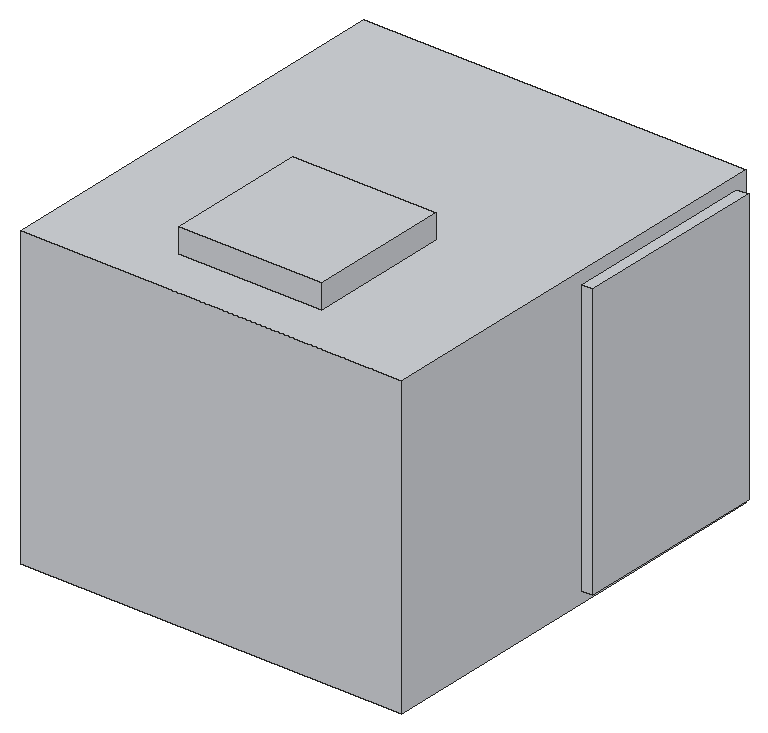
Revit family "M_Módulo do ventilador AHU - Descarga frontal", category Equipamento mecânico, Revit 2019
Family settings
  Cota do conector redondo = Utilizar diâmetro
  Tipo de parte = Normal
  Número OmniClass = 23.75.35.14
  Título OmniClass = Air Handling Units
  ID de item do Seek = AHU Fan Module - Front Discharge Up-0000-CAN-ENU
  Com base no plano de trabalho = Não
  Sempre na vertical = Sim
  Corte com vazios quando carregada = Não
  Compartilhado = Não
  Ponto de cálculo do ambiente = Não
Parameters (values of type "Para 0,3 metros quadrados de serpentina")
  Largura 1 = 406.4 mm
  Voltagem = 208 V
  Largura da saída = 300 mm
  Altura da saída = 300 mm
  Classificação de carga = Refrigeração
  Largura interna = 800 mm
  Altura interna = 625 mm
  Material do ventilador = none
  Número de pólos = 3
  Carga aparente [instance] = 13000 VA
  Pressão estática externa [instance] = 187.0 Pa
  Fluxo de ar [instance] = 850.0 L/s
  Largura do ventilador = 900 mm
  Comprimento do ventilador = 800 mm
  Altura do ventilador = 625 mm
Types (17, lengths in mm): name | Largura 1 | Voltagem | Largura da saída | Altura da saída | Largura interna | Altura interna | Carga aparente | Fluxo de ar | Largura do ventilador | Comprimento do ventilador | Altura do ventilador
  (no name) | 406.4 | 208 V | 300 | 300 | 800 | 625 | 13000 VA | 850.0 L/s | 900 | 800 | 625
  Para 0,3 metros quadrados de serpentina | 406.4 | 208 V | 300 | 300 | 800 | 625 | 13000 VA | 850.0 L/s | 900 | 800 | 625
  Para 9,3 metros quadrados de serpentina | 609.6 | 460 V | 1600 | 1400 | 3850 | 3000 | 120000 VA | 28300.0 L/s | 2400 | 3850 | 3000
  Para 0,6 metros quadrados de serpentina | 406.4 | 208 V | 400 | 400 | 1100 | 700 | 26000 VA | 1700.0 L/s | 1050 | 1100 | 700
  Para 0,7 metros quadrados de serpentina | 406.4 | 208 V | 450 | 450 | 1200 | 800 | 32000 VA | 2270.0 L/s | 1100 | 1200 | 800
  Para 0,9 metros quadrados de serpentina | 406.4 | 208 V | 500 | 500 | 1500 | 850 | 44000 VA | 2830.0 L/s | 850 | 1500 | 850
  Para 1,1 metros quadrados de serpentina | 406.4 | 208 V | 550 | 550 | 1600 | 950 | 53000 VA | 3400.0 L/s | 950 | 1600 | 950
  Para 1,3 metros quadrados de serpentina | 406.4 | 208 V | 600 | 600 | 1700 | 1000 | 63000 VA | 4000.0 L/s | 1000 | 1700 | 1000
  Para 1,6 metros quadrados de serpentina | 406.4 | 208 V | 700 | 700 | 1850 | 1100 | 75000 VA | 4800.0 L/s | 1100 | 1850 | 1100
  Para 2,0 metros quadrados de serpentina | 609.6 | 208 V | 700 | 700 | 1900 | 1250 | 95000 VA | 5950.0 L/s | 1250 | 1900 | 1250
  Para 2,3 metros quadrados de serpentina | 609.6 | 208 V | 800 | 800 | 1950 | 1400 | 95000 VA | 7080.0 L/s | 1400 | 1950 | 1400
  Para 2,8 metros quadrados de serpentina | 609.6 | 208 V | 800 | 800 | 2300 | 1400 | 120000 VA | 8500.0 L/s | 1400 | 2300 | 1400
  Para 3,3 metros quadrados de serpentina | 609.6 | 460 V | 850 | 850 | 2400 | 1550 | 120000 VA | 9910.0 L/s | 1550 | 2400 | 1550
  Para 3,7 metros quadrados de serpentina | 660.4 | 460 V | 950 | 950 | 2750 | 1550 | 120000 VA | 11300.0 L/s | 1550 | 2750 | 1550
  Para 4,6 metros quadrados de serpentina | 660.4 | 460 V | 1050 | 1050 | 3000 | 1850 | 120000 VA | 14200.0 L/s | 1750 | 3000 | 1850
  Para 6,1 metros quadrados de serpentina | 609.6 | 460 V | 1200 | 1050 | 3500 | 2300 | 120000 VA | 18700.0 L/s | 2100 | 3500 | 2300
  Para 7,4 metros quadrados de serpentina | 609.6 | 460 V | 1300 | 1250 | 3500 | 2750 | 120000 VA | 22700.0 L/s | 2300 | 3500 | 2750
Reference planes
  plane 1 "Centro (Frente/Trás)": y = 0
  plane 2: z = 0
  plane 3 "Centro (Esquerda/Direita)": x = 0
  plane 4: x = -400
  plane 5: x = 400
  plane 6: y = -900
  plane 7: z = 625
  plane 8: x = -425.4
  plane 9: x = 425.4
  plane 10: y = -25.4
  plane 11: y = -431.8
  plane 12: z = 599.6
  plane 13: z = 25.4
  plane 14: y = -798.4
  plane 15: x = -152.4
  plane 16: x = 152.4
  plane 17: y = -498.4
  plane 18: z = 675.8
  plane 19: z = 101.6
  plane 20: y = -228.6
  plane 21: x = -150
  plane 22: x = 150
Forms (mm)
  Extrusion 1, solid, material <- "Material do ventilador"
    sketch origin (0, 0, 0) x (1, 0, 0) y (0, 1, 0)
      loop
        line (-400, 0) -> (-400, -900) -> (400, -900) -> (400, 0) -> (-400, 0)
    from 0 to 625
  Extrusion 2, solid, material <- "Material do ventilador"
    sketch origin (0, 0, 0) x (1, 0, 0) y (0, 1, 0)
      loop
        line (-425.4, -25.4) -> (-425.4, -431.8) -> (-400, -431.8) -> (-400, -25.4) -> (-425.4, -25.4)
      loop
        line (400, -25.4) -> (400, -431.8) -> (425.4, -431.8) -> (425.4, -25.4) -> (400, -25.4)
    from 25.4 to 599.6
  Extrusion 3, solid, material <- "Material do ventilador"
    sketch origin (0, 0, 0) x (0, 1, 0) y (0, 0, 1)
      loop
        circle (-228.6, 101.6) r 19.05
    from -425.4 to -400
  Extrusion 4, solid, material <- "Material do ventilador"
    sketch origin (0, 0, 0) x (1, 0, 0) y (0, 1, 0)
      loop
        line (-150, -498.4) -> (-150, -798.4) -> (150, -798.4) -> (150, -498.4) -> (-150, -498.4)
    from 625 to 675.8
Cuts and joins
  joined: Extrusion 1, Extrusion 2, Extrusion 3, Extrusion 4
Dimensions and locks
  "Comprimento do ventilador": plane 4 to plane 5
  equal spacing: plane 4, plane 3 "Centro (Esquerda/Direita)", plane 5
  "Largura do ventilador": plane 1 "Centro (Frente/Trás)" to plane 6
  "Altura do ventilador": plane 2 to plane 7
  locked: plane 8 to plane 4 at 25.4
  locked: plane 5 to plane 9 at 25.4
  locked: plane 1 "Centro (Frente/Trás)" to plane 10 at 25.4
  "Largura 1": plane 10 to plane 11
  locked: plane 12 to plane 7 at 25.4
  locked: plane 2 to plane 13 at 25.4
  locked: plane 14 to plane 6 at 101.6
  "Altura da saída": plane 17 to plane 14
  locked: plane 7 to plane 18 at 50.8
  locked: plane 19 to plane 2 at 101.6
  equal spacing: plane 10, plane 20, plane 11
  equal spacing: plane 21, plane 3 "Centro (Esquerda/Direita)", plane 22
  "Largura da saída": plane 21 to plane 22
  radius of Extrusion 3 sketch curve = 19.05 mm
  aligned and locked: plane 4 to Extrusion 1 sketch curve
  aligned and locked: plane 1 "Centro (Frente/Trás)" to Extrusion 1 sketch curve
  aligned and locked: plane 6 to Extrusion 1 sketch curve
  aligned and locked: Extrusion 1 sketch curve to plane 5
  aligned and locked: plane 7 to Extrusion 1
  aligned and locked: Extrusion 1 to plane 2
  aligned and locked: plane 8 to Extrusion 2 sketch curve
  aligned and locked: Extrusion 2 sketch curve to plane 10  (x2)
  aligned and locked: plane 11 to Extrusion 2 sketch curve  (x2)
  aligned and locked: Extrusion 2 sketch curve to plane 4
  aligned and locked: plane 5 to Extrusion 2 sketch curve
  aligned and locked: Extrusion 2 sketch curve to plane 9
  aligned and locked: plane 12 to Extrusion 2
  aligned and locked: Extrusion 2 to plane 13
  aligned and locked: plane 19 to Extrusion 3 sketch curve
  aligned and locked: plane 20 to Extrusion 3 sketch curve
  aligned and locked: Extrusion 3 to plane 8
  aligned and locked: plane 4 to Extrusion 3
  aligned and locked: plane 21 to Extrusion 4 sketch curve
  aligned and locked: Extrusion 4 sketch curve to plane 17
  aligned and locked: plane 14 to Extrusion 4 sketch curve
  aligned and locked: Extrusion 4 sketch curve to plane 22
  aligned and locked: plane 7 to Extrusion 4
  aligned and locked: plane 18 to Extrusion 4
Connectors
  hvac at (0, 0, 312.5), driven by "Fluxo de ar", driven by "Altura interna", driven by "Largura interna"
    settings: on Extrusion 1, index 1, duct flow 850.0 L/s, flow factor 0, pres drop 0.0 Pa, loss coef 0, conn angle 0.00°, conn width 800 mm, conn height 625 mm, conn diameter 609.6 mm, duct sys type 29, conn prof type 1, flow config 0, flow direction 1, loss method 0, conn ref index 2, conn util no, is conn primary yes, conn desc ""
  hvac at (0, -648.4, 675.8), driven by "Fluxo de ar", driven by "Altura da saída", driven by "Largura da saída"
    settings: on Extrusion 4, index 2, duct flow 850.0 L/s, flow factor 0, pres drop 0.0 Pa, loss coef 0, conn angle 0.00°, conn width 300 mm, conn height 300 mm, conn diameter 609.6 mm, duct sys type 29, conn prof type 1, flow config 0, flow direction 2, loss method 0, conn ref index 1, conn util no, is conn primary no, conn desc ""
  electrical at (-425.4, -228.6, 101.6), driven by "Voltagem", driven by "Número de pólos", driven by "Carga aparente", driven by "Classificação de carga"
    settings: on Extrusion 3, index 3, voltage 208 V, apparent load 13000 VA, apparent load phase1 0 VA, apparent load phase2 0 VA, apparent load phase3 0 VA, power factor 0.8, load classification "Refrigeração", number of poles 3, system type 30, power factor state 1, is connector primary yes, connector utility no, sub classification motor no, connector description ""
